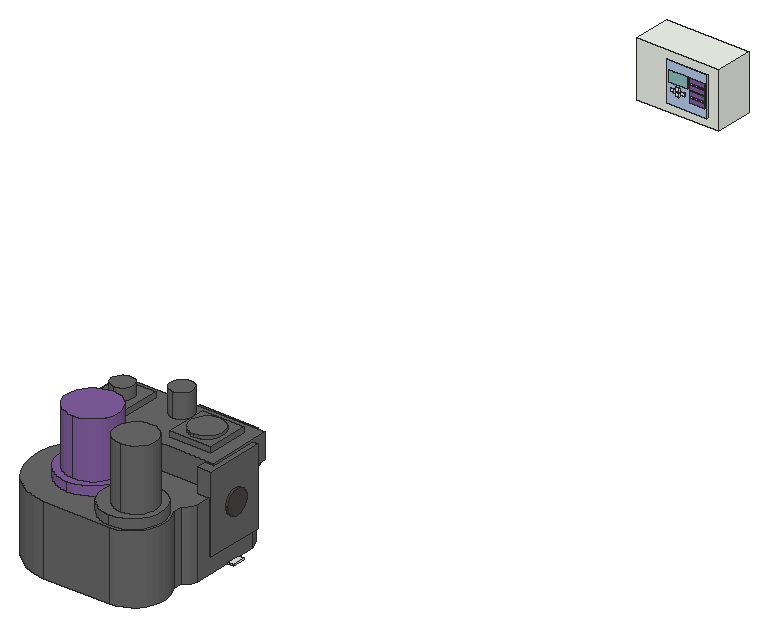
Revit family "28751", category Generic Models, Revit 2021
Family settings
  Can host rebar = No
  Round Connector Dimension = Use Diameter
  Part Type = Normal
  Work Plane-Based = No
  Always vertical = Yes
  Cut with Voids When Loaded = No
  Shared = Yes
  Room Calculation Point = No
Parameters (values of type "28751")
  SUPPLIER = "KESSEL"
  SA700ID50 = "intern"
  SA700ID49 = "Protection Class I"
  SA700ID48 = "no"
  SA700ID47 = "no"
  SA700ID46 = "yes"
  SA700ID37 = 8000 mm
  SA700ID34 = 40
  SA700ID33 = 1.4 W
  SA700ID32 = 45.35 kg
  SA700ID31 = 1
  SA700ID30 = 1
  SA700ID29 = "RWDR"
  SA700ID21 = 800
  SA700ID10 = "yes"
  SA700ID08 = 400 V
  PROCUREWEBLINK = "https://p.caden.as/kessel/28751"
  PROCURELINK = "p.caden.as/kessel/28751"
  PROCUREDATALASTUPDATE = "2024-05-22T12:18:02.967979708+01:00"
  PRC_SPECIFICATIONLINK = "https://ausschreiben.de/catalog/kessel/catalogItem/f06d4fca-1218-4c8d-b30e-5e1a38187000"
  NN = "Lifting station Aqualift F"
  NBSYN = "$SA810ID03."
  NB = "28751"
  Model = "28751"
  Manufacturer = "KESSEL"
  MIdent = "{$CADENAS_DATA/23d-libs/kessel/kessel_vdi_import/4/entwaesserung/hebeanlage20aqualift20f.prj},197 {STYP=ASS},{VTYP=3D},{NB=28751},{LINA=28751},{NN=Lifting station Aqualift F},{DATE=21.11.2022 10:45:45},{GEOMDATE=21.11.2022 10:45:45},{VERSION=},{LINEID=70},{WBVAR=LODLEVEL},{WBNUMERIC=LODLEVEL}  {NB=28751},{LINA=28751},{KT=DUMMY},{PREVIEW=../../bilder/ksb_w_28751.png},{SA700ID04=Hebeanlage Aqualift F, Mono, Comfort, SPF 1500-S3},{SA810ID06=04026092054512},{SA700ID34=40.00},{SA010ID03=201805},{SA810ID03=28751},{SA810ID10=Die Hebeanlage für fäkalienhaltiges und fäkalienfreies Abwasser ist mit einer überflutbaren Pumpe sowie einem Rückflussverhinderer ausgestattet. Der Sammelbehälter aus dauerhaft beständigem Kunststoff (PE) bietet universale Anschlussmöglichkeiten und hat eine verschraubte Reinigungsöffnung.Die Steuerung erfolgt durch ein anwenderfreundliches Schaltgerät, das optional über einen potentialfreien Kontakt in die Gebäudeleittechnik eingebunden werden oder Alarm- und Sammelstörmeldungen über eine GSM-Schnittstelle (Comfort Schaltgerät) ausgeben kann.Ausführung:Absperreinrichtung: ohne SchieberAnlagenart: EinzelanlagePumpensteuerung: SchaltgerätRückflussverhinderer: integriertSchalldämmmatte: jaEinbausituation: freie AufstellungAbwasserart: fäkalienhaltigAllgemeine Merkmale:Farbe: schwarzNorm: EN 12050-1Abmessungen:Länge: 564 mmBreite: 525 mmHöhe: 539 mmBehälter/Grundkörper:Zulauf Anzahl: 1 STZulauf Nennweite (DN): 100 mmZulauf Nennweite (DA): 110 mmZulauf max. Anbohrung (DN): 150 mmAbstand Rohrsohle Zulauf zu Behälterboden: 125 mmAbstand Rohrmitte Zulauf zu Behälterboden: 180 mmAnschluss für Handmembranpumpe (DN): 32Behältervolumen: 50 lDruckabgang: senkrechtDruckabgang (DA): 110 mmDruckabgang (DN): 100 mmEntlüftungsanschluss (DN): 70 mmNutzvolumen: 20 lFreier Kugeldurchgang: 40 mmFördereinrichtung:Pumpe: SPF 1500Anzahl Pumpen: 1Förderhöhe max.: 8 mFörderleistung max.: 40 m3/hBetriebsart: S3 - 50 %Leistung P1: 1,4 kWLeistung P2: 1,1 kWDrehzahl: 1.415 U/minFörderguttemperatur (dauerhaft) max.: 40 °CAnschlusstyp: DirektanschlussGewicht: 24 kgLaufrad Typ: FreistromradLänge Netzanschlussleitung Pumpe: 5 mNennstrom: 2,7 ASchutzart Pumpe: IP 68 (3m/48h)Schutzklasse: ITyp Anschlussleitung Pumpe: H07RN-F 7G 1,5 mm2Temperaturüberwachung: integriertSteuerung:Schaltgerät: ComfortBetriebsspannung: 400 VNetzfrequenz: 50 HzSelbstdiagnosesystem (SDS): jaBatteriepufferung: jaMehrzeilige Displayanzeige: jaLogbuchfunktion: jaGSM-Schnittstelle: jaPotentialfreier Kontakt: jaErforderliche Absicherung (Leitungsschutz): 3 x C 16 AMotorschutz Schalter: jaSchutzart Schaltgerät: IP 54Länge Netzanschlussleitung Schaltgerät: 0 mArt Niveauerfassung: pneumatischInstrument Niveauerfassung: TauchrohrAlarmgeber: Tauchrohr},{SA700ID37=8.00},{SA700ID33=1.40},{SA700ID08=400},{SA700ID30=1},{SA700ID32=45.35},{SA700ID49=Schutzklasse I},{SA700ID50=intern},{SA200ID03=6},{SA250ID03=vertikal},{SA260ID03=Trockenläuferpumpe},{SA350ID03=normalansaugend},{SA400ID03=E-Motor für Drehstrom},{SA460ID03=direkt},{SA500ID03=Kunststoff, Edelstahl},{SA700ID06=100},{SA700ID07=100},{SA700ID09=3/N/PE 400V},{SA700ID10=Ja},{SA700ID11=50},{SA700ID12=IP 68},{SA700ID13=F},{SA700ID15=40},{SA700ID21=800.00},{SA700ID22=1.10},{SA700ID23=1415},{SA700ID24=1415},{SA700ID26=2.70},{SA700ID27=21.00},{SA700ID28=durchgehend},{SA700ID29=RWDR},{SA700ID31=1},{SA700ID46=ja},{SA700ID47=nein},{SA700ID48=nein},{SA110ID04=Hebeanlage Aqualift F},{SA300ID03=einstufig},{SA700ID44=10.00},{SA700ID45=10.00},{SA010ID04=KESSEL AG},{LODLEVEL=200},{LINK=https://www.kessel.de/info?han=28751},{SA970ID01=970},{SA970ID02=7007},{SA970ID03=28751},{SA970ID04=11002617},{SA970ID05=QUAD},{SA970ID06=-285.5},{SA970ID07=-493.5100098},{SA970ID08=0},{SA970ID09=1},{SA970ID10=0},{SA970ID11=0},{SA970ID12=0},{SA970ID13=1},{SA970ID14=0},{SA970ID15=560},{SA970ID16=638.51001},{SA970ID17=476},{LODLEVEL_=200,'Low'},{LODLEVEL_DEU=200,'Low'},{LINK_=https://www.kessel.de/info?han=28751},{LINK_DEU=https://www.kessel.de/info?han=28751},{LODLEVEL_3DB=28751_200},{DNIN1=100},{DNIN2=70},{DNIN3=10},{DNIN4=50},{DNIN5=MIN},{DNIN6=MIN},{DNIN7=MIN},{DNIN8=MIN},{DNIN9=MIN},{DNOUT1=100},{DNOUT2=70},{DNOUT3=32},{ISDIN1=75},{ISDIN2=10.000},{ISDIN3=10},{ISDOUT1=70.000},{ISDOUT2=79.500},{ISDOUT3=75},{SA010ID01=010},{SA010ID02=4},{SA010ID06=www.kessel.de},{SA010ID07=www.kessel.de},{SA010ID12=20180713},{SA010ID13=DEU},{SA010ID14=DE},{SA100ID01=100},{SA100ID02=4},{SA100ID04=Entwässerung},{SA110ID01=110},{SA110ID02=4},{SA200ID01=200},{SA200ID02=6},{SA250ID01=250},{SA250ID02=2},{SA260ID01=260},{SA260ID02=2},{SA300ID01=300},{SA300ID02=1},{SA350ID01=350},{SA350ID02=1},{SA400ID01=400},{SA400ID02=2},{SA460ID01=460},{SA460ID02=1},{SA500ID01=500},{SA500ID02=1},{SA700ID01=700},{SA700ID02=19},{SA700ID10_=1},{SA700ID16=0},{SA700ID25=0},{SA700ID46_=1},{SA700ID47_=0},{SA700ID48_=0},{SA700ID49_=1},{SA700ID50_=2},{SA800ID01=800},{SA800ID02=19},{SA810ID01=810},{SA810ID02=19},{SA810ID04=28751},{SA810ID07=19},{SA810ID09=1},{SA810ID14=PCE},{SA810ID15=1},{SA810ID16=NMP},{SA960ID03=19},{SA960ID04=3L},{SA960ID08=https://www.kessel.de/info?han=28751},{SA010ID08=4026092000007},{SA100ID05=Hebeanlage},{SA110ID06=Hebeanlage}"
  LINK = "https://www.kessel.de/info?han=28751"
  LINA = "28751"
  Default Elevation = 0 mm
  CREATOR = "CADENAS GmbH"
  CATALOG = "KESSEL"
  BOMINFO = "LINA"
  ARTICLENO = "NB"
  4.810.00.9 Order quantity (multiplicator) = "1"
  4.810.00.7 Media- connection number = "19"
  4.810.00.6 GTIN number = "04026092054512"
  4.810.00.4 DATANORM number = "28751"
  4.810.00.3 Producer order number = "28751"
  4.710.03.7 Mass (net) = 45.35 kg
  4.710.03.6 Height = 539 mm
  4.710.03.5 Width = 525 mm
  4.710.03.4 Length = 564 mm
  4.710.03.3 Type of dimensions = "2"
  4.710.02.8 Area of application of wastewater pump = "1"
  4.710.02.7 Art des S2/S3-Betriebs = "50 %"
  4.710.02.6 Duty type = "S3"
  4.710.02.5 Cutting device = "0"
  4.710.02.4 Attached pump control = "1"
  4.710.02.3 Free passage = 40 mm
  4.710.01.6 Option to connect to building automation = "40"
  4.710.01.5 Load regulation = "0"
  4.710.01.4 Designation of closed-loop control = "20"
  4.710.01.3 Identifier for closed-loop control = "50"
  4.700.00.9 Voltage = 0
  4.700.00.8 Nominal connection size on suction side = "100"
  4.700.00.7 Nominal connection size on pressure side = "100"
  4.700.00.6 Type of connection = "100"
  4.700.00.4 Product indentification = "Hebeanlage Aqualift F, Mono, Comfort, SPF 1500-S3"
  4.700.00.28 Motor pump shaft = "durchgehend"
  4.700.00.27 Starting current = 21
  4.700.00.26 Maximum power consumption per pump / drive = 2.7
  4.700.00.25 Minimum speed at internal speed adjustment = 0
  4.700.00.24 Nominal speed / maximum speed n = 23.5833
  4.700.00.23 Nominal speed of motor = 23.5833
  4.700.00.22 Maximum shaft output (P2) per pump/drive = 1.1 W
  4.700.00.16 Maximum temperature of pumped medium = 0 °C
  4.700.00.15 Increased safety class = "40 °C"
  4.700.00.13 Type of protection = "F"
  4.700.00.12 Frequency = 0
  4.700.00.11 Stern-/Dreieck-Anlaufschaltung bei Dreiphasenanschluss oder Drehstrom = "50 Hz"
  4.700.00.10 Phase = "1"
  4.500.00.3 Variant / Variant type / Accessories-name = "Kunststoff, Edelstahl"
  4.460.00.3 Variant / Variant type / Accessories-name = "direkt"
  4.400.00.3 Variant / Variant type / Accessories-name = "E-Motor für Drehstrom"
  4.350.00.3 Variant / Variant type / Accessories-name = "normalansaugend"
  4.300.00.3 Variant / Variant type / Accessories-name = "einstufig"
  4.260.00.3 Variant / Variant type / Accessories-name = "Trockenläuferpumpe"
  4.250.00.3 Variant / Variant type / Accessories-name = "vertikal"
  4.200.00.3 Variant / Variant type / Accessories-name = "6"
  4.110.00.6 Product classification = "Hebeanlage"
  4.110.00.4 Product indentification = "Hebeanlage Aqualift F"
  4.100.00.5 Main groups of wares = "Hebeanlage"
  4.100.00.4 Product indentification = "Entwässerung"
  4.010.00.8 Producer ID number = "4026092000007"
  4.010.00.7 Comment = "www.kessel.de"
  4.010.00.6 Web address of the manufacturer = "www.kessel.de"
  4.010.00.4 Manufacturer name = "KESSEL AG"
  4.010.00.3 Date of issuance (month) of guideline = "201805"
  4.010.00.2 Sheet number of the guideline = "4"
  4.010.00.14 Kennungen der Projektländer, für die die Datei gültig ist = "DE"
  4.010.00.13 Sprache der Datei = "DEU"
  4.010.00.12 Stand des Herstellerkatalogs = "20180713"
Reference planes
  plane 1 "Center (Front/Back)": y = 0
  plane 2: z = 0
  plane 3 "Center (Left/Right)": x = 0
Dimensions and locks
  aligned and locked: level to plane 2
Nested families
  nested 1: "28751_content" at (0, 0, 0), type "28751_Content"
  nested 2: "28751_part1_X0Y0" at (1000, 1000, 1200), type "28751_PART1_X0Y0"
  nested 3: "28751_part2_X0Y0" at (0, 0, 0), type "28751_PART2_X0Y0"
Connectors
  electrical at (911, 934.75, 1201.5)
    settings: on nested 2, index 1, voltage 0 V, apparent load 0 VA, apparent load phase1 0 VA, apparent load phase2 0 VA, apparent load phase3 0 VA, power factor 1, load classification "Other", number of poles 1, system type 31, power factor state 1, is connector primary yes, connector utility no, sub classification motor no, connector description ""
  piping at (105.4, 145, 181), diameter 100
    settings: on nested 3, index 2, connector inside diameter 609.6 mm, connector length 0 mm, flow factor 0, pipe flow 0.0 L/s, pressure drop 0.0 Pa, fitting loss kfactor 0, connector angle 0.00°, fixture units 0, engagement length 0 mm, angle of deflection 0.00°, flow configuration 0, flow direction 1, fitting loss method 2, system type 29, joint type 0, gender type 0, connector reference index -1, connector utility 0, adjustable connector no, is connector primary yes, connector description ""
  piping at (270.8, -99.998, 186), diameter 70
    settings: on nested 3, index 3, connector inside diameter 609.6 mm, connector length 0 mm, flow factor 0, pipe flow 0.0 L/s, pressure drop 0.0 Pa, fitting loss kfactor 0, connector angle 0.00°, fixture units 0, engagement length 0 mm, angle of deflection 0.00°, flow configuration 0, flow direction 0, fitting loss method 2, system type 29, joint type 0, gender type 0, connector reference index -1, connector utility 0, adjustable connector no, is connector primary no, connector description ""
  piping at (150.4, -384, 476), diameter 100
    settings: on nested 3, index 4, connector inside diameter 609.6 mm, connector length 0 mm, flow factor 0, pipe flow 0.0 L/s, pressure drop 0.0 Pa, fitting loss kfactor 0, connector angle 0.00°, fixture units 0, engagement length 0 mm, angle of deflection 0.00°, flow configuration 0, flow direction 2, fitting loss method 2, system type 29, joint type 0, gender type 0, connector reference index -1, connector utility 0, adjustable connector no, is connector primary no, connector description ""
  piping at (0, 0, 401), diameter 70
    settings: on nested 3, index 5, connector inside diameter 609.6 mm, connector length 0 mm, flow factor 0, pipe flow 0.0 L/s, pressure drop 0.0 Pa, fitting loss kfactor 0, connector angle 0.00°, fixture units 0, engagement length 0 mm, angle of deflection 0.00°, flow configuration 0, flow direction 2, fitting loss method 2, system type 29, joint type 0, gender type 0, connector reference index -1, connector utility 0, adjustable connector no, is connector primary no, connector description ""
  piping at (105.4, 145, 81), diameter 32
    settings: on nested 3, index 6, connector inside diameter 609.6 mm, connector length 0 mm, flow factor 0, pipe flow 0.0 L/s, pressure drop 0.0 Pa, fitting loss kfactor 0, connector angle 0.00°, fixture units 0, engagement length 0 mm, angle of deflection 0.00°, flow configuration 0, flow direction 2, fitting loss method 2, system type 29, joint type 0, gender type 0, connector reference index -1, connector utility 0, adjustable connector no, is connector primary no, connector description ""
  electrical at (-65, -299.8, 457)
    settings: on nested 3, index 7, voltage 0 V, apparent load 0 VA, apparent load phase1 0 VA, apparent load phase2 0 VA, apparent load phase3 0 VA, power factor 1, load classification "Other", number of poles 1, system type 31, power factor state 1, is connector primary no, connector utility no, sub classification motor no, connector description ""
  electrical at (-165.999, -46, 376.6)
    settings: on nested 3, index 8, voltage 0 V, apparent load 0 VA, apparent load phase1 0 VA, apparent load phase2 0 VA, apparent load phase3 0 VA, power factor 1, load classification "Other", number of poles 1, system type 31, power factor state 1, is connector primary no, connector utility no, sub classification motor no, connector description ""
Definition of nested family "28751_part1_X0Y0"
  Parameters (values of type "28751_PART1_X0Y0")
    SUPPLIER = "KESSEL"
    SA700ID50 = "intern"
    SA700ID49 = "Protection Class I"
    SA700ID48 = "no"
    SA700ID47 = "no"
    SA700ID46 = "yes"
    SA700ID37 = 8000 mm
    SA700ID34 = 40
    SA700ID33 = 1.4 W
    SA700ID32 = 45.35 kg
    SA700ID31 = 1
    SA700ID30 = 1
    SA700ID29 = "RWDR"
    SA700ID21 = 800
    SA700ID10 = "yes"
    SA700ID08 = 400 V
    NBSYN = "$SA810ID03._PART1"
    NB = "28751_PART1"
    Model = "28751_PART1"
    Manufacturer = "KESSEL"
    MIdent = "{$CADENAS_DATA/23d-libs/kessel/kessel_vdi_import/4/entwaesserung/hebeanlage20aqualift20f.prj},217 {VTYP=3D},{NB=28751_PART1},{LINA=28751_PART1},{NN=Lifting station Aqualift F_PART1},{NOPRJ=TRUE},{DATE=21.11.2022 10:45:45},{GEOMDATE=21.11.2022 10:45:45},{VERSION=},{LINEID=70},{WBVAR=LODLEVEL},{WBNUMERIC=LODLEVEL}  {NB=28751_PART1},{LINA=28751_PART1},{KT=DUMMY},{PREVIEW=../../bilder/ksb_w_28751.png},{SA700ID04=Hebeanlage Aqualift F, Mono, Comfort, SPF 1500-S3},{SA810ID06=04026092054512},{SA700ID34=40.00},{SA010ID03=201805},{SA810ID03=28751},{SA810ID10=Die Hebeanlage für fäkalienhaltiges und fäkalienfreies Abwasser ist mit einer überflutbaren Pumpe sowie einem Rückflussverhinderer ausgestattet. Der Sammelbehälter aus dauerhaft beständigem Kunststoff (PE) bietet universale Anschlussmöglichkeiten und hat eine verschraubte Reinigungsöffnung.Die Steuerung erfolgt durch ein anwenderfreundliches Schaltgerät, das optional über einen potentialfreien Kontakt in die Gebäudeleittechnik eingebunden werden oder Alarm- und Sammelstörmeldungen über eine GSM-Schnittstelle (Comfort Schaltgerät) ausgeben kann.Ausführung:Absperreinrichtung: ohne SchieberAnlagenart: EinzelanlagePumpensteuerung: SchaltgerätRückflussverhinderer: integriertSchalldämmmatte: jaEinbausituation: freie AufstellungAbwasserart: fäkalienhaltigAllgemeine Merkmale:Farbe: schwarzNorm: EN 12050-1Abmessungen:Länge: 564 mmBreite: 525 mmHöhe: 539 mmBehälter/Grundkörper:Zulauf Anzahl: 1 STZulauf Nennweite (DN): 100 mmZulauf Nennweite (DA): 110 mmZulauf max. Anbohrung (DN): 150 mmAbstand Rohrsohle Zulauf zu Behälterboden: 125 mmAbstand Rohrmitte Zulauf zu Behälterboden: 180 mmAnschluss für Handmembranpumpe (DN): 32Behältervolumen: 50 lDruckabgang: senkrechtDruckabgang (DA): 110 mmDruckabgang (DN): 100 mmEntlüftungsanschluss (DN): 70 mmNutzvolumen: 20 lFreier Kugeldurchgang: 40 mmFördereinrichtung:Pumpe: SPF 1500Anzahl Pumpen: 1Förderhöhe max.: 8 mFörderleistung max.: 40 m3/hBetriebsart: S3 - 50 %Leistung P1: 1,4 kWLeistung P2: 1,1 kWDrehzahl: 1.415 U/minFörderguttemperatur (dauerhaft) max.: 40 °CAnschlusstyp: DirektanschlussGewicht: 24 kgLaufrad Typ: FreistromradLänge Netzanschlussleitung Pumpe: 5 mNennstrom: 2,7 ASchutzart Pumpe: IP 68 (3m/48h)Schutzklasse: ITyp Anschlussleitung Pumpe: H07RN-F 7G 1,5 mm2Temperaturüberwachung: integriertSteuerung:Schaltgerät: ComfortBetriebsspannung: 400 VNetzfrequenz: 50 HzSelbstdiagnosesystem (SDS): jaBatteriepufferung: jaMehrzeilige Displayanzeige: jaLogbuchfunktion: jaGSM-Schnittstelle: jaPotentialfreier Kontakt: jaErforderliche Absicherung (Leitungsschutz): 3 x C 16 AMotorschutz Schalter: jaSchutzart Schaltgerät: IP 54Länge Netzanschlussleitung Schaltgerät: 0 mArt Niveauerfassung: pneumatischInstrument Niveauerfassung: TauchrohrAlarmgeber: Tauchrohr},{SA700ID37=8.00},{SA700ID33=1.40},{SA700ID08=400},{SA700ID30=1},{SA700ID32=45.35},{SA700ID49=Schutzklasse I},{SA700ID50=intern},{SA200ID03=6},{SA250ID03=vertikal},{SA260ID03=Trockenläuferpumpe},{SA350ID03=normalansaugend},{SA400ID03=E-Motor für Drehstrom},{SA460ID03=direkt},{SA500ID03=Kunststoff, Edelstahl},{SA700ID06=100},{SA700ID07=100},{SA700ID09=3/N/PE 400V},{SA700ID10=Ja},{SA700ID11=50},{SA700ID12=IP 68},{SA700ID13=F},{SA700ID15=40},{SA700ID21=800.00},{SA700ID22=1.10},{SA700ID23=1415},{SA700ID24=1415},{SA700ID26=2.70},{SA700ID27=21.00},{SA700ID28=durchgehend},{SA700ID29=RWDR},{SA700ID31=1},{SA700ID46=ja},{SA700ID47=nein},{SA700ID48=nein},{SA110ID04=Hebeanlage Aqualift F},{SA300ID03=einstufig},{SA700ID44=10.00},{SA700ID45=10.00},{SA010ID04=KESSEL AG},{LODLEVEL=200},{LINK=https://www.kessel.de/info?han=28751},{SA970ID01=970},{SA970ID02=7007},{SA970ID03=28751},{SA970ID04=11002617},{SA970ID05=QUAD},{SA970ID06=-285.5},{SA970ID07=-493.5100098},{SA970ID08=0},{SA970ID09=1},{SA970ID10=0},{SA970ID11=0},{SA970ID12=0},{SA970ID13=1},{SA970ID14=0},{SA970ID15=560},{SA970ID16=638.51001},{SA970ID17=476},{LODLEVEL_=200,'Low'},{LODLEVEL_DEU=200,'Low'},{LINK_=https://www.kessel.de/info?han=28751},{LINK_DEU=https://www.kessel.de/info?han=28751},{LODLEVEL_3DB=28751_200},{DNIN1=100},{DNIN2=70},{DNIN3=10},{DNIN4=50},{DNIN5=MIN},{DNIN6=MIN},{DNIN7=MIN},{DNIN8=MIN},{DNIN9=MIN},{DNOUT1=100},{DNOUT2=70},{DNOUT3=32},{ISDIN1=75},{ISDIN2=10.000},{ISDIN3=10},{ISDOUT1=70.000},{ISDOUT2=79.500},{ISDOUT3=75},{SA010ID01=010},{SA010ID02=4},{SA010ID06=www.kessel.de},{SA010ID07=www.kessel.de},{SA010ID12=20180713},{SA010ID13=DEU},{SA010ID14=DE},{SA100ID01=100},{SA100ID02=4},{SA100ID04=Entwässerung},{SA110ID01=110},{SA110ID02=4},{SA200ID01=200},{SA200ID02=6},{SA250ID01=250},{SA250ID02=2},{SA260ID01=260},{SA260ID02=2},{SA300ID01=300},{SA300ID02=1},{SA350ID01=350},{SA350ID02=1},{SA400ID01=400},{SA400ID02=2},{SA460ID01=460},{SA460ID02=1},{SA500ID01=500},{SA500ID02=1},{SA700ID01=700},{SA700ID02=19},{SA700ID10_=1},{SA700ID16=0},{SA700ID25=0},{SA700ID46_=1},{SA700ID47_=0},{SA700ID48_=0},{SA700ID49_=1},{SA700ID50_=2},{SA800ID01=800},{SA800ID02=19},{SA810ID01=810},{SA810ID02=19},{SA810ID04=28751},{SA810ID07=19},{SA810ID09=1},{SA810ID14=PCE},{SA810ID15=1},{SA810ID16=NMP},{SA960ID03=19},{SA960ID04=3L},{SA960ID08=https://www.kessel.de/info?han=28751},{SA010ID08=4026092000007},{SA100ID05=Hebeanlage},{SA110ID06=Hebeanlage}"
    LINK = "https://www.kessel.de/info?han=28751"
    LINA = "28751_PART1"
    Default Elevation = 1219.2 mm
    CREATOR = "CADENAS GmbH"
    CATALOG = "KESSEL"
    BOMINFO = "LINA"
    ARTICLENO = "NB"
    4.810.00.9 Order quantity (multiplicator) = "1"
    4.810.00.7 Media- connection number = "19"
    4.810.00.6 GTIN number = "04026092054512"
    4.810.00.4 DATANORM number = "28751"
    4.810.00.3 Producer order number = "28751"
    4.710.03.7 Mass (net) = 45.35 kg
    4.710.03.6 Height = 539 mm
    4.710.03.5 Width = 525 mm
    4.710.03.4 Length = 564 mm
    4.710.03.3 Type of dimensions = "2"
    4.710.02.8 Area of application of wastewater pump = "1"
    4.710.02.7 Art des S2/S3-Betriebs = "50 %"
    4.710.02.6 Duty type = "S3"
    4.710.02.5 Cutting device = "0"
    4.710.02.4 Attached pump control = "1"
    4.710.02.3 Free passage = 40 mm
    4.710.01.6 Option to connect to building automation = "40"
    4.710.01.5 Load regulation = "0"
    4.710.01.4 Designation of closed-loop control = "20"
    4.710.01.3 Identifier for closed-loop control = "50"
    4.700.00.9 Voltage = 0
    4.700.00.8 Nominal connection size on suction side = "100"
    4.700.00.7 Nominal connection size on pressure side = "100"
    4.700.00.6 Type of connection = "100"
    4.700.00.4 Product indentification = "Hebeanlage Aqualift F, Mono, Comfort, SPF 1500-S3"
    4.700.00.28 Motor pump shaft = "durchgehend"
    4.700.00.27 Starting current = 21
    4.700.00.26 Maximum power consumption per pump / drive = 2.7
    4.700.00.25 Minimum speed at internal speed adjustment = 0
    4.700.00.24 Nominal speed / maximum speed n = 23.5833
    4.700.00.23 Nominal speed of motor = 23.5833
    4.700.00.22 Maximum shaft output (P2) per pump/drive = 1.1 W
    4.700.00.16 Maximum temperature of pumped medium = 0 °C
    4.700.00.15 Increased safety class = "40 °C"
    4.700.00.13 Type of protection = "F"
    4.700.00.12 Frequency = 0
    4.700.00.11 Stern-/Dreieck-Anlaufschaltung bei Dreiphasenanschluss oder Drehstrom = "50 Hz"
    4.700.00.10 Phase = "1"
    4.500.00.3 Variant / Variant type / Accessories-name = "Kunststoff, Edelstahl"
    4.460.00.3 Variant / Variant type / Accessories-name = "direkt"
    4.400.00.3 Variant / Variant type / Accessories-name = "E-Motor für Drehstrom"
    4.350.00.3 Variant / Variant type / Accessories-name = "normalansaugend"
    4.300.00.3 Variant / Variant type / Accessories-name = "einstufig"
    4.260.00.3 Variant / Variant type / Accessories-name = "Trockenläuferpumpe"
    4.250.00.3 Variant / Variant type / Accessories-name = "vertikal"
    4.200.00.3 Variant / Variant type / Accessories-name = "6"
    4.110.00.6 Product classification = "Hebeanlage"
    4.110.00.4 Product indentification = "Hebeanlage Aqualift F"
    4.100.00.5 Main groups of wares = "Hebeanlage"
    4.100.00.4 Product indentification = "Entwässerung"
    4.010.00.8 Producer ID number = "4026092000007"
    4.010.00.7 Comment = "www.kessel.de"
    4.010.00.6 Web address of the manufacturer = "www.kessel.de"
    4.010.00.4 Manufacturer name = "KESSEL AG"
    4.010.00.3 Date of issuance (month) of guideline = "201805"
    4.010.00.2 Sheet number of the guideline = "4"
    4.010.00.14 Kennungen der Projektländer, für die die Datei gültig ist = "DE"
    4.010.00.13 Sprache der Datei = "DEU"
    4.010.00.12 Stand des Herstellerkatalogs = "20180713"
  Reference planes
    plane 1 "Center (Front/Back)": y = 0
    plane 2: z = 0
    plane 3 "Center (Left/Right)": x = 0
  Dimensions and locks
    aligned and locked: level to plane 2
  Nested families
    nested 1: "28751_part1_content" at (0, 0, 0), type "28751_PART1_Content"
  Definition of nested family "28751_part1_content"
    Parameters (values of type "28751_PART1_Content")
      SUPPLIER = "KESSEL"
      SA700ID50 = "intern"
      SA700ID49 = "Protection Class I"
      SA700ID48 = "no"
      SA700ID47 = "no"
      SA700ID46 = "yes"
      SA700ID37 = 8000 mm
      SA700ID34 = 40
      SA700ID33 = 1.4 W
      SA700ID32 = 45.35 kg
      SA700ID31 = 1
      SA700ID30 = 1
      SA700ID29 = "RWDR"
      SA700ID21 = 800
      SA700ID10 = "yes"
      SA700ID08 = 400 V
      NBSYN = "$SA810ID03._PART1"
      NB = "28751_PART1"
      Model = "28751_PART1"
      Manufacturer = "KESSEL"
      LINK = "https://www.kessel.de/info?han=28751"
      LINA = "28751_PART1"
      Default Elevation = 1219.2 mm
      CREATOR = "CADENAS GmbH"
      CATALOG = "KESSEL"
      BOMINFO = "LINA"
      ARTICLENO = "NB"
      4.810.00.9 Order quantity (multiplicator) = "1"
      4.810.00.7 Media- connection number = "19"
      4.810.00.6 GTIN number = "04026092054512"
      4.810.00.4 DATANORM number = "28751"
      4.810.00.3 Producer order number = "28751"
      4.710.03.7 Mass (net) = 45.35 kg
      4.710.03.6 Height = 539 mm
      4.710.03.5 Width = 525 mm
      4.710.03.4 Length = 564 mm
      4.710.03.3 Type of dimensions = "2"
      4.710.02.8 Area of application of wastewater pump = "1"
      4.710.02.7 Art des S2/S3-Betriebs = "50 %"
      4.710.02.6 Duty type = "S3"
      4.710.02.5 Cutting device = "0"
      4.710.02.4 Attached pump control = "1"
      4.710.02.3 Free passage = 40 mm
      4.710.01.6 Option to connect to building automation = "40"
      4.710.01.5 Load regulation = "0"
      4.710.01.4 Designation of closed-loop control = "20"
      4.710.01.3 Identifier for closed-loop control = "50"
      4.700.00.9 Voltage = 0
      4.700.00.8 Nominal connection size on suction side = "100"
      4.700.00.7 Nominal connection size on pressure side = "100"
      4.700.00.6 Type of connection = "100"
      4.700.00.4 Product indentification = "Hebeanlage Aqualift F, Mono, Comfort, SPF 1500-S3"
      4.700.00.28 Motor pump shaft = "durchgehend"
      4.700.00.27 Starting current = 21
      4.700.00.26 Maximum power consumption per pump / drive = 2.7
      4.700.00.25 Minimum speed at internal speed adjustment = 0
      4.700.00.24 Nominal speed / maximum speed n = 23.5833
      4.700.00.23 Nominal speed of motor = 23.5833
      4.700.00.22 Maximum shaft output (P2) per pump/drive = 1.1 W
      4.700.00.16 Maximum temperature of pumped medium = 0 °C
      4.700.00.15 Increased safety class = "40 °C"
      4.700.00.13 Type of protection = "F"
      4.700.00.12 Frequency = 0
      4.700.00.11 Stern-/Dreieck-Anlaufschaltung bei Dreiphasenanschluss oder Drehstrom = "50 Hz"
      4.700.00.10 Phase = "1"
      4.500.00.3 Variant / Variant type / Accessories-name = "Kunststoff, Edelstahl"
      4.460.00.3 Variant / Variant type / Accessories-name = "direkt"
      4.400.00.3 Variant / Variant type / Accessories-name = "E-Motor für Drehstrom"
      4.350.00.3 Variant / Variant type / Accessories-name = "normalansaugend"
      4.300.00.3 Variant / Variant type / Accessories-name = "einstufig"
      4.260.00.3 Variant / Variant type / Accessories-name = "Trockenläuferpumpe"
      4.250.00.3 Variant / Variant type / Accessories-name = "vertikal"
      4.200.00.3 Variant / Variant type / Accessories-name = "6"
      4.110.00.6 Product classification = "Hebeanlage"
      4.110.00.4 Product indentification = "Hebeanlage Aqualift F"
      4.100.00.5 Main groups of wares = "Hebeanlage"
      4.100.00.4 Product indentification = "Entwässerung"
      4.010.00.8 Producer ID number = "4026092000007"
      4.010.00.7 Comment = "www.kessel.de"
      4.010.00.6 Web address of the manufacturer = "www.kessel.de"
      4.010.00.4 Manufacturer name = "KESSEL AG"
      4.010.00.3 Date of issuance (month) of guideline = "201805"
      4.010.00.2 Sheet number of the guideline = "4"
      4.010.00.14 Kennungen der Projektländer, für die die Datei gültig ist = "DE"
      4.010.00.13 Sprache der Datei = "DEU"
      4.010.00.12 Stand des Herstellerkatalogs = "20180713"
    Reference planes
      plane 1 "Center (Front/Back)": y = 0
      plane 2: z = 0
      plane 3 "Center (Left/Right)": x = 0
    Forms (mm)
      Extrusion 1, solid, detail levels medium+fine
        sketch origin (139, 0, 0.2) x (0, -1, 0) y (0, 0, 1)
          loop
            line (0, 187.8) -> (0, 0) -> (127.75, 0) -> (127.75, 187.8) -> (0, 187.8)
        from 0 to 278
      Extrusion 2, solid, detail levels medium+fine
        sketch origin (101, -127.75, 26.5) x (0, -1, 0) y (0, 0, 1)
          loop
            line (-1.2, 134.8) -> (-1.2, 0) -> (0.25, 0) -> (0.25, 134.8) -> (-1.2, 134.8)
        from 0 to 139.9
      Extrusion 3, solid, detail levels medium+fine
        sketch origin (22.75, -128, 66) x (0, -1, 0) y (0, 0, 1)
          loop
            line (-1, 12) -> (-1, 0) -> (0.5, 0) -> (0.5, 12) -> (-1, 12)
        from 0 to 12
      Extrusion 4, solid, detail levels medium+fine
        sketch origin (34.65, -128, 93.4) x (0, -1, 0) y (0, 0, 1)
          loop
            line (-1, 37) -> (-1, 0) -> (0.5, 0) -> (0.5, 37) -> (-1, 37)
        from 0 to 66
      Extrusion 5, solid, detail levels medium+fine
        sketch origin (5.5, -128, 74) x (0, -1, 0) y (0, 0, 1)
          loop
            line (-1, 12) -> (-1, 0) -> (0.5, 0) -> (0.5, 12) -> (-1, 12)
        from 0 to 12
      Extrusion 6, solid, detail levels medium+fine
        sketch origin (93.5, -128, 94.4) x (0, -1, 0) y (0, 0, 1)
          loop
            line (0, 16) -> (0, 0) -> (1.75, 0) -> (1.75, 16) -> (0, 16)
        from 0 to 51
      Extrusion 7, solid, detail levels medium+fine
        sketch origin (93.5, -128, 74.4) x (0, -1, 0) y (0, 0, 1)
          loop
            line (0, 16) -> (0, 0) -> (1.75, 0) -> (1.75, 16) -> (0, 16)
        from 0 to 51
      Extrusion 8, solid, detail levels medium+fine
        sketch origin (5.5, -128, 57.5) x (0, -1, 0) y (0, 0, 1)
          loop
            line (-1, 12) -> (-1, 0) -> (0.5, 0) -> (0.5, 12) -> (-1, 12)
        from 0 to 12
      Extrusion 9, solid, detail levels medium+fine
        sketch origin (93.5, -128, 114.4) x (0, -1, 0) y (0, 0, 1)
          loop
            line (0, 16) -> (0, 0) -> (1.75, 0) -> (1.75, 16) -> (0, 16)
        from 0 to 51
      Extrusion 10, solid, detail levels medium+fine
        sketch origin (93.5, -128, 54.4) x (0, -1, 0) y (0, 0, 1)
          loop
            line (0, 16) -> (0, 0) -> (1.75, 0) -> (1.75, 16) -> (0, 16)
        from 0 to 51
      Extrusion 11, solid, detail levels medium+fine
        sketch origin (-11.75, -128, 66) x (0, -1, 0) y (0, 0, 1)
          loop
            line (-1, 12) -> (-1, 0) -> (0.5, 0) -> (0.5, 12) -> (-1, 12)
        from 0 to 12
      Extrusion 12, solid, detail levels medium+fine
        sketch origin (12, -40.25, 0) x (0, 1, 0) y (-1, 0, 0)
          loop
            circle (0, 0) r 5.25
        from 0 to 1.5
      Extrusion 13, solid, detail levels medium+fine
        sketch origin (27, -70.25, 0) x (0, 1, 0) y (-1, 0, 0)
          loop
            circle (0, 0) r 8
        from 0 to 1.5
      Extrusion 14, solid, detail levels medium+fine
        sketch origin (-44, -65.25, 0) x (0, 1, 0) y (-1, 0, 0)
          loop
            circle (0, 0) r 12.5
        from 0 to 1.5
      Extrusion 15, solid, detail levels medium+fine
        sketch origin (42, -42, 0) x (0, 1, 0) y (-1, 0, 0)
          loop
            circle (0, 0) r 8
        from 0 to 1.5
      Extrusion 16, solid, detail levels medium+fine
        sketch origin (57, -70.25, 0) x (0, 1, 0) y (-1, 0, 0)
          loop
            circle (0, 0) r 8
        from 0 to 1.5
      Extrusion 17, solid, detail levels medium+fine
        sketch origin (72, -42, 0) x (0, 1, 0) y (-1, 0, 0)
          loop
            circle (0, 0) r 8
        from 0 to 1.5
      Extrusion 18, solid, detail levels medium+fine
        sketch origin (87, -70.25, 0) x (0, 1, 0) y (-1, 0, 0)
          loop
            circle (0, 0) r 8
        from 0 to 1.5
      Extrusion 19, solid, detail levels medium+fine
        sketch origin (-89, -65.25, 0) x (0, 1, 0) y (-1, 0, 0)
          loop
            circle (0, 0) r 12.5
        from 0 to 1.5
      Extrusion 20, solid, detail levels medium+fine
        sketch origin (77, -15, 0) x (0, 1, 0) y (-1, 0, 0)
          loop
            circle (0, 0) r 6
        from 0 to 1.5
      Extrusion 21, solid, detail levels medium+fine
        sketch origin (102, -42, 0) x (0, 1, 0) y (-1, 0, 0)
          loop
            circle (0, 0) r 8
        from 0 to 1.5
      Extrusion 22, solid, detail levels coarse
        sketch origin (0, -64.875, 0) x (1, 0, 0) y (0, 1, 0)
          loop
            line (-139, -64.875) -> (139, -64.875) -> (139, 64.875) -> (-139, 64.875) -> (-139, -64.875)
        from 0 to 188
    Dimensions and locks
      aligned and locked: level to plane 2
Definition of nested family "28751_part2_X0Y0"
  Parameters (values of type "28751_PART2_X0Y0")
    SUPPLIER = "KESSEL"
    SA700ID50 = "intern"
    SA700ID49 = "Protection Class I"
    SA700ID48 = "no"
    SA700ID47 = "no"
    SA700ID46 = "yes"
    SA700ID37 = 8000 mm
    SA700ID34 = 40
    SA700ID33 = 1.4 W
    SA700ID32 = 45.35 kg
    SA700ID31 = 1
    SA700ID30 = 1
    SA700ID29 = "RWDR"
    SA700ID21 = 800
    SA700ID10 = "yes"
    SA700ID08 = 400 V
    NBSYN = "$SA810ID03._PART2"
    NB = "28751_PART2"
    Model = "28751_PART2"
    Manufacturer = "KESSEL"
    MIdent = "{$CADENAS_DATA/23d-libs/kessel/kessel_vdi_import/4/entwaesserung/hebeanlage20aqualift20f.prj},217 {VTYP=3D},{NB=28751_PART2},{LINA=28751_PART2},{NN=Lifting station Aqualift F_PART2},{NOPRJ=TRUE},{DATE=21.11.2022 10:45:45},{GEOMDATE=21.11.2022 10:45:45},{VERSION=},{LINEID=70},{WBVAR=LODLEVEL},{WBNUMERIC=LODLEVEL}  {NB=28751_PART2},{LINA=28751_PART2},{KT=DUMMY},{PREVIEW=../../bilder/ksb_w_28751.png},{SA700ID04=Hebeanlage Aqualift F, Mono, Comfort, SPF 1500-S3},{SA810ID06=04026092054512},{SA700ID34=40.00},{SA010ID03=201805},{SA810ID03=28751},{SA810ID10=Die Hebeanlage für fäkalienhaltiges und fäkalienfreies Abwasser ist mit einer überflutbaren Pumpe sowie einem Rückflussverhinderer ausgestattet. Der Sammelbehälter aus dauerhaft beständigem Kunststoff (PE) bietet universale Anschlussmöglichkeiten und hat eine verschraubte Reinigungsöffnung.Die Steuerung erfolgt durch ein anwenderfreundliches Schaltgerät, das optional über einen potentialfreien Kontakt in die Gebäudeleittechnik eingebunden werden oder Alarm- und Sammelstörmeldungen über eine GSM-Schnittstelle (Comfort Schaltgerät) ausgeben kann.Ausführung:Absperreinrichtung: ohne SchieberAnlagenart: EinzelanlagePumpensteuerung: SchaltgerätRückflussverhinderer: integriertSchalldämmmatte: jaEinbausituation: freie AufstellungAbwasserart: fäkalienhaltigAllgemeine Merkmale:Farbe: schwarzNorm: EN 12050-1Abmessungen:Länge: 564 mmBreite: 525 mmHöhe: 539 mmBehälter/Grundkörper:Zulauf Anzahl: 1 STZulauf Nennweite (DN): 100 mmZulauf Nennweite (DA): 110 mmZulauf max. Anbohrung (DN): 150 mmAbstand Rohrsohle Zulauf zu Behälterboden: 125 mmAbstand Rohrmitte Zulauf zu Behälterboden: 180 mmAnschluss für Handmembranpumpe (DN): 32Behältervolumen: 50 lDruckabgang: senkrechtDruckabgang (DA): 110 mmDruckabgang (DN): 100 mmEntlüftungsanschluss (DN): 70 mmNutzvolumen: 20 lFreier Kugeldurchgang: 40 mmFördereinrichtung:Pumpe: SPF 1500Anzahl Pumpen: 1Förderhöhe max.: 8 mFörderleistung max.: 40 m3/hBetriebsart: S3 - 50 %Leistung P1: 1,4 kWLeistung P2: 1,1 kWDrehzahl: 1.415 U/minFörderguttemperatur (dauerhaft) max.: 40 °CAnschlusstyp: DirektanschlussGewicht: 24 kgLaufrad Typ: FreistromradLänge Netzanschlussleitung Pumpe: 5 mNennstrom: 2,7 ASchutzart Pumpe: IP 68 (3m/48h)Schutzklasse: ITyp Anschlussleitung Pumpe: H07RN-F 7G 1,5 mm2Temperaturüberwachung: integriertSteuerung:Schaltgerät: ComfortBetriebsspannung: 400 VNetzfrequenz: 50 HzSelbstdiagnosesystem (SDS): jaBatteriepufferung: jaMehrzeilige Displayanzeige: jaLogbuchfunktion: jaGSM-Schnittstelle: jaPotentialfreier Kontakt: jaErforderliche Absicherung (Leitungsschutz): 3 x C 16 AMotorschutz Schalter: jaSchutzart Schaltgerät: IP 54Länge Netzanschlussleitung Schaltgerät: 0 mArt Niveauerfassung: pneumatischInstrument Niveauerfassung: TauchrohrAlarmgeber: Tauchrohr},{SA700ID37=8.00},{SA700ID33=1.40},{SA700ID08=400},{SA700ID30=1},{SA700ID32=45.35},{SA700ID49=Schutzklasse I},{SA700ID50=intern},{SA200ID03=6},{SA250ID03=vertikal},{SA260ID03=Trockenläuferpumpe},{SA350ID03=normalansaugend},{SA400ID03=E-Motor für Drehstrom},{SA460ID03=direkt},{SA500ID03=Kunststoff, Edelstahl},{SA700ID06=100},{SA700ID07=100},{SA700ID09=3/N/PE 400V},{SA700ID10=Ja},{SA700ID11=50},{SA700ID12=IP 68},{SA700ID13=F},{SA700ID15=40},{SA700ID21=800.00},{SA700ID22=1.10},{SA700ID23=1415},{SA700ID24=1415},{SA700ID26=2.70},{SA700ID27=21.00},{SA700ID28=durchgehend},{SA700ID29=RWDR},{SA700ID31=1},{SA700ID46=ja},{SA700ID47=nein},{SA700ID48=nein},{SA110ID04=Hebeanlage Aqualift F},{SA300ID03=einstufig},{SA700ID44=10.00},{SA700ID45=10.00},{SA010ID04=KESSEL AG},{LODLEVEL=200},{LINK=https://www.kessel.de/info?han=28751},{SA970ID01=970},{SA970ID02=7007},{SA970ID03=28751},{SA970ID04=11002617},{SA970ID05=QUAD},{SA970ID06=-285.5},{SA970ID07=-493.5100098},{SA970ID08=0},{SA970ID09=1},{SA970ID10=0},{SA970ID11=0},{SA970ID12=0},{SA970ID13=1},{SA970ID14=0},{SA970ID15=560},{SA970ID16=638.51001},{SA970ID17=476},{LODLEVEL_=200,'Low'},{LODLEVEL_DEU=200,'Low'},{LINK_=https://www.kessel.de/info?han=28751},{LINK_DEU=https://www.kessel.de/info?han=28751},{LODLEVEL_3DB=28751_200},{DNIN1=100},{DNIN2=70},{DNIN3=10},{DNIN4=50},{DNIN5=MIN},{DNIN6=MIN},{DNIN7=MIN},{DNIN8=MIN},{DNIN9=MIN},{DNOUT1=100},{DNOUT2=70},{DNOUT3=32},{ISDIN1=75},{ISDIN2=10.000},{ISDIN3=10},{ISDOUT1=70.000},{ISDOUT2=79.500},{ISDOUT3=75},{SA010ID01=010},{SA010ID02=4},{SA010ID06=www.kessel.de},{SA010ID07=www.kessel.de},{SA010ID12=20180713},{SA010ID13=DEU},{SA010ID14=DE},{SA100ID01=100},{SA100ID02=4},{SA100ID04=Entwässerung},{SA110ID01=110},{SA110ID02=4},{SA200ID01=200},{SA200ID02=6},{SA250ID01=250},{SA250ID02=2},{SA260ID01=260},{SA260ID02=2},{SA300ID01=300},{SA300ID02=1},{SA350ID01=350},{SA350ID02=1},{SA400ID01=400},{SA400ID02=2},{SA460ID01=460},{SA460ID02=1},{SA500ID01=500},{SA500ID02=1},{SA700ID01=700},{SA700ID02=19},{SA700ID10_=1},{SA700ID16=0},{SA700ID25=0},{SA700ID46_=1},{SA700ID47_=0},{SA700ID48_=0},{SA700ID49_=1},{SA700ID50_=2},{SA800ID01=800},{SA800ID02=19},{SA810ID01=810},{SA810ID02=19},{SA810ID04=28751},{SA810ID07=19},{SA810ID09=1},{SA810ID14=PCE},{SA810ID15=1},{SA810ID16=NMP},{SA960ID03=19},{SA960ID04=3L},{SA960ID08=https://www.kessel.de/info?han=28751},{SA010ID08=4026092000007},{SA100ID05=Hebeanlage},{SA110ID06=Hebeanlage}"
    LINK = "https://www.kessel.de/info?han=28751"
    LINA = "28751_PART2"
    Default Elevation = 1219.2 mm
    CREATOR = "CADENAS GmbH"
    CATALOG = "KESSEL"
    BOMINFO = "LINA"
    ARTICLENO = "NB"
    4.810.00.9 Order quantity (multiplicator) = "1"
    4.810.00.7 Media- connection number = "19"
    4.810.00.6 GTIN number = "04026092054512"
    4.810.00.4 DATANORM number = "28751"
    4.810.00.3 Producer order number = "28751"
    4.710.03.7 Mass (net) = 45.35 kg
    4.710.03.6 Height = 539 mm
    4.710.03.5 Width = 525 mm
    4.710.03.4 Length = 564 mm
    4.710.03.3 Type of dimensions = "2"
    4.710.02.8 Area of application of wastewater pump = "1"
    4.710.02.7 Art des S2/S3-Betriebs = "50 %"
    4.710.02.6 Duty type = "S3"
    4.710.02.5 Cutting device = "0"
    4.710.02.4 Attached pump control = "1"
    4.710.02.3 Free passage = 40 mm
    4.710.01.6 Option to connect to building automation = "40"
    4.710.01.5 Load regulation = "0"
    4.710.01.4 Designation of closed-loop control = "20"
    4.710.01.3 Identifier for closed-loop control = "50"
    4.700.00.9 Voltage = 0
    4.700.00.8 Nominal connection size on suction side = "100"
    4.700.00.7 Nominal connection size on pressure side = "100"
    4.700.00.6 Type of connection = "100"
    4.700.00.4 Product indentification = "Hebeanlage Aqualift F, Mono, Comfort, SPF 1500-S3"
    4.700.00.28 Motor pump shaft = "durchgehend"
    4.700.00.27 Starting current = 21
    4.700.00.26 Maximum power consumption per pump / drive = 2.7
    4.700.00.25 Minimum speed at internal speed adjustment = 0
    4.700.00.24 Nominal speed / maximum speed n = 23.5833
    4.700.00.23 Nominal speed of motor = 23.5833
    4.700.00.22 Maximum shaft output (P2) per pump/drive = 1.1 W
    4.700.00.16 Maximum temperature of pumped medium = 0 °C
    4.700.00.15 Increased safety class = "40 °C"
    4.700.00.13 Type of protection = "F"
    4.700.00.12 Frequency = 0
    4.700.00.11 Stern-/Dreieck-Anlaufschaltung bei Dreiphasenanschluss oder Drehstrom = "50 Hz"
    4.700.00.10 Phase = "1"
    4.500.00.3 Variant / Variant type / Accessories-name = "Kunststoff, Edelstahl"
    4.460.00.3 Variant / Variant type / Accessories-name = "direkt"
    4.400.00.3 Variant / Variant type / Accessories-name = "E-Motor für Drehstrom"
    4.350.00.3 Variant / Variant type / Accessories-name = "normalansaugend"
    4.300.00.3 Variant / Variant type / Accessories-name = "einstufig"
    4.260.00.3 Variant / Variant type / Accessories-name = "Trockenläuferpumpe"
    4.250.00.3 Variant / Variant type / Accessories-name = "vertikal"
    4.200.00.3 Variant / Variant type / Accessories-name = "6"
    4.110.00.6 Product classification = "Hebeanlage"
    4.110.00.4 Product indentification = "Hebeanlage Aqualift F"
    4.100.00.5 Main groups of wares = "Hebeanlage"
    4.100.00.4 Product indentification = "Entwässerung"
    4.010.00.8 Producer ID number = "4026092000007"
    4.010.00.7 Comment = "www.kessel.de"
    4.010.00.6 Web address of the manufacturer = "www.kessel.de"
    4.010.00.4 Manufacturer name = "KESSEL AG"
    4.010.00.3 Date of issuance (month) of guideline = "201805"
    4.010.00.2 Sheet number of the guideline = "4"
    4.010.00.14 Kennungen der Projektländer, für die die Datei gültig ist = "DE"
    4.010.00.13 Sprache der Datei = "DEU"
    4.010.00.12 Stand des Herstellerkatalogs = "20180713"
  Reference planes
    plane 1 "Center (Front/Back)": y = 0
    plane 2: z = 0
    plane 3 "Center (Left/Right)": x = 0
  Dimensions and locks
    aligned and locked: level to plane 2
  Nested families
    nested 1: "28751_part2_content" at (0, 0, 0), type "28751_PART2_Content"
  Definition of nested family "28751_part2_content"
    Parameters (values of type "28751_PART2_Content")
      SUPPLIER = "KESSEL"
      SA700ID50 = "intern"
      SA700ID49 = "Protection Class I"
      SA700ID48 = "no"
      SA700ID47 = "no"
      SA700ID46 = "yes"
      SA700ID37 = 8000 mm
      SA700ID34 = 40
      SA700ID33 = 1.4 W
      SA700ID32 = 45.35 kg
      SA700ID31 = 1
      SA700ID30 = 1
      SA700ID29 = "RWDR"
      SA700ID21 = 800
      SA700ID10 = "yes"
      SA700ID08 = 400 V
      NBSYN = "$SA810ID03._PART2"
      NB = "28751_PART2"
      Model = "28751_PART2"
      Manufacturer = "KESSEL"
      LINK = "https://www.kessel.de/info?han=28751"
      LINA = "28751_PART2"
      Default Elevation = 1219.2 mm
      CREATOR = "CADENAS GmbH"
      CATALOG = "KESSEL"
      BOMINFO = "LINA"
      ARTICLENO = "NB"
      4.810.00.9 Order quantity (multiplicator) = "1"
      4.810.00.7 Media- connection number = "19"
      4.810.00.6 GTIN number = "04026092054512"
      4.810.00.4 DATANORM number = "28751"
      4.810.00.3 Producer order number = "28751"
      4.710.03.7 Mass (net) = 45.35 kg
      4.710.03.6 Height = 539 mm
      4.710.03.5 Width = 525 mm
      4.710.03.4 Length = 564 mm
      4.710.03.3 Type of dimensions = "2"
      4.710.02.8 Area of application of wastewater pump = "1"
      4.710.02.7 Art des S2/S3-Betriebs = "50 %"
      4.710.02.6 Duty type = "S3"
      4.710.02.5 Cutting device = "0"
      4.710.02.4 Attached pump control = "1"
      4.710.02.3 Free passage = 40 mm
      4.710.01.6 Option to connect to building automation = "40"
      4.710.01.5 Load regulation = "0"
      4.710.01.4 Designation of closed-loop control = "20"
      4.710.01.3 Identifier for closed-loop control = "50"
      4.700.00.9 Voltage = 0
      4.700.00.8 Nominal connection size on suction side = "100"
      4.700.00.7 Nominal connection size on pressure side = "100"
      4.700.00.6 Type of connection = "100"
      4.700.00.4 Product indentification = "Hebeanlage Aqualift F, Mono, Comfort, SPF 1500-S3"
      4.700.00.28 Motor pump shaft = "durchgehend"
      4.700.00.27 Starting current = 21
      4.700.00.26 Maximum power consumption per pump / drive = 2.7
      4.700.00.25 Minimum speed at internal speed adjustment = 0
      4.700.00.24 Nominal speed / maximum speed n = 23.5833
      4.700.00.23 Nominal speed of motor = 23.5833
      4.700.00.22 Maximum shaft output (P2) per pump/drive = 1.1 W
      4.700.00.16 Maximum temperature of pumped medium = 0 °C
      4.700.00.15 Increased safety class = "40 °C"
      4.700.00.13 Type of protection = "F"
      4.700.00.12 Frequency = 0
      4.700.00.11 Stern-/Dreieck-Anlaufschaltung bei Dreiphasenanschluss oder Drehstrom = "50 Hz"
      4.700.00.10 Phase = "1"
      4.500.00.3 Variant / Variant type / Accessories-name = "Kunststoff, Edelstahl"
      4.460.00.3 Variant / Variant type / Accessories-name = "direkt"
      4.400.00.3 Variant / Variant type / Accessories-name = "E-Motor für Drehstrom"
      4.350.00.3 Variant / Variant type / Accessories-name = "normalansaugend"
      4.300.00.3 Variant / Variant type / Accessories-name = "einstufig"
      4.260.00.3 Variant / Variant type / Accessories-name = "Trockenläuferpumpe"
      4.250.00.3 Variant / Variant type / Accessories-name = "vertikal"
      4.200.00.3 Variant / Variant type / Accessories-name = "6"
      4.110.00.6 Product classification = "Hebeanlage"
      4.110.00.4 Product indentification = "Hebeanlage Aqualift F"
      4.100.00.5 Main groups of wares = "Hebeanlage"
      4.100.00.4 Product indentification = "Entwässerung"
      4.010.00.8 Producer ID number = "4026092000007"
      4.010.00.7 Comment = "www.kessel.de"
      4.010.00.6 Web address of the manufacturer = "www.kessel.de"
      4.010.00.4 Manufacturer name = "KESSEL AG"
      4.010.00.3 Date of issuance (month) of guideline = "201805"
      4.010.00.2 Sheet number of the guideline = "4"
      4.010.00.14 Kennungen der Projektländer, für die die Datei gültig ist = "DE"
      4.010.00.13 Sprache der Datei = "DEU"
      4.010.00.12 Stand des Herstellerkatalogs = "20180713"
    Reference planes
      plane 1 "Center (Front/Back)": y = 0
      plane 2: z = 0
      plane 3 "Center (Left/Right)": x = 0
    Forms (mm)
      Extrusion 1, solid, detail levels medium+fine
        sketch origin (-265.3, -77.5, 0) x (0, -1, 0) y (0, 0, 1)
          loop
            line (0, 5) -> (0, 0) -> (45, 0) -> (45, 5) -> (0, 5)
        from 0 to 20
      Extrusion 2, solid, detail levels medium+fine
        sketch origin (0, 0, 1) x (1, 0, 0) y (0, 1, 0)
          loop
            arc (-265.47, -133.59) -> (-256.329, -156.359) -> (-238.64, -173.36) r 58.374
            line (-238.64, -173.36) -> (-238.64, -214.49)
            arc (-238.64, -214.49) -> (-232.341, -397.623) -> (-76.19, -493.51) r 193.641
            line (-76.19, -493.51) -> (146.75, -493.51)
            arc (146.75, -493.51) -> (237.518, -430.909) -> (227.98, -321.06) r 109.651
            line (227.98, -321.06) -> (227.98, -287.31)
            arc (227.98, -287.31) -> (245.178, -270.967) -> (252.83, -248.51) r 49.649
            line (252.83, -248.51) -> (252.83, -12.46)
            arc (252.83, -12.46) -> (221.543, 38.501) -> (166.81, 62.59) r 100.273
            arc (166.81, 62.59) -> (-2.869, 68.549) -> (-172.56, 62.94) r 2492.02
            arc (-172.56, 62.94) -> (-237.389, 32.743) -> (-265.47, -33.03) r 99.996
            line (-265.47, -33.03) -> (-265.47, -133.59)
        from 0 to 235
      Extrusion 3, solid, detail levels medium+fine
        sketch origin (-65, -299.8, 236) x (0, 1, 0) y (-1, 0, 0)
          loop
            circle (0, 0) r 110
        from 0 to 30
      Extrusion 4, solid, detail levels medium+fine
        sketch origin (-65, -299.8, 266) x (0, 1, 0) y (-1, 0, 0)
          loop
            circle (0, 0) r 86
        from 0 to 191
      Extrusion 5, solid, detail levels medium+fine
        sketch origin (138.4, -384, 236) x (0, -1, 0) y (1, 0, 0)
          loop
            circle (0, 0) r 100
        from 0 to 32
      Extrusion 6, solid, detail levels medium+fine
        sketch origin (150.4, -384, 268) x (0, -1, 0) y (1, 0, 0)
          loop
            circle (0, 0) r 67
        from 0 to 208
      Extrusion 7, solid, detail levels medium+fine
        sketch origin (240.75, 53.5, 236) x (0, -1, 0) y (0, 0, 1)
          loop
            line (0, 85.5) -> (0, 0) -> (218.1, 0) -> (218.1, 85.5) -> (0, 85.5)
        from 0 to 491.2
      Extrusion 8, solid, detail levels medium+fine
        sketch origin (0, 0, 321.5) x (0, 1, 0) y (-1, 0, 0)
          loop
            circle (0, 0) r 37.5
        from 0 to 79.5
      Extrusion 9, solid, detail levels medium+fine
        sketch origin (200.75, 16, 321.5) x (0, -1, 0) y (0, 0, 1)
          loop
            line (0, 18.5) -> (0, 0) -> (142, 0) -> (142, 18.5) -> (0, 18.5)
        from 0 to 141.5
      Extrusion 10, solid, detail levels medium+fine
        sketch origin (130, -55, 340) x (0, 1, 0) y (-1, 0, 0)
          loop
            circle (0, 0) r 55
        from 0 to 9
      Extrusion 11, solid, detail levels medium+fine
        sketch origin (-103.699, 16.5, 321.5) x (0, -1, 0) y (0, 0, 1)
          loop
            line (0, 18.5) -> (0, 0) -> (125, 0) -> (125, 18.5) -> (0, 18.5)
        from 0 to 124.6
      Extrusion 12, solid, detail levels medium+fine
        sketch origin (-165.999, -46, 340) x (0, 1, 0) y (-1, 0, 0)
          loop
            circle (0, 0) r 36
        from 0 to 36.6
      Extrusion 13, solid, detail levels medium+fine
        sketch origin (5.4, 25, 56) x (0, 1, 0) y (0, 0, 1)
          loop
            line (0, 260) -> (0, 0) -> (45, 0) -> (45, 260) -> (0, 260)
        from 0 to 200
      Extrusion 14, solid, detail levels medium+fine
        sketch origin (105.4, 70, 181) x (1, 0, 0) y (0, 0, -1)
          loop
            circle (0, 0) r 55
        from 0 to 75
      Extrusion 15, solid, detail levels medium+fine
        sketch origin (105.4, 70, 81) x (-1, 0, 0) y (0, 0, 1)
          loop
            circle (0, 0) r 20
        from 0 to 75
      Extrusion 16, solid, detail levels medium+fine
        sketch origin (259.5, 0, 56) x (0, -1, 0) y (0, 0, 1)
          loop
            line (0, 260) -> (0, 0) -> (200, 0) -> (200, 260) -> (0, 260)
        from 0 to 45
      Extrusion 17, solid, detail levels medium+fine
        sketch origin (259.3, -99.998, 186) x (0, -1, 0) y (0, 0, -1)
          loop
            circle (0, 0) r 40
        from 0 to 11.5
      Extrusion 18, solid, detail levels medium+fine
        sketch origin (274.3, -77.5, 0) x (0, -1, 0) y (0, 0, 1)
          loop
            line (0, 5) -> (0, 0) -> (45, 0) -> (45, 5) -> (0, 5)
        from 0 to 21.7
      Extrusion 19, solid, detail levels coarse
        sketch origin (-5.5, -174.255, 0) x (1, 0, 0) y (0, 1, 0)
          loop
            line (-279.8, -319.255) -> (279.8, -319.255) -> (279.8, 319.255) -> (-279.8, 319.255) -> (-279.8, -319.255)
        from 0 to 476
    Dimensions and locks
      aligned and locked: level to plane 2
